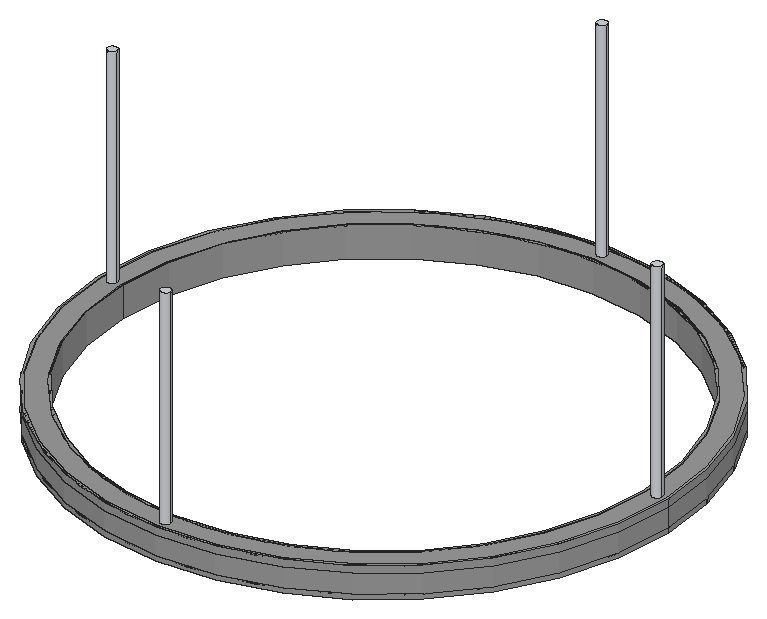
Revit family "MONALISA_600MM_41_4000K", category Lighting Fixtures, host Ceiling, Revit 2021
Family settings
  Host = Ceiling
  Round Connector Dimension = Use Diameter
  Part Type = Normal
  OmniClass Number = 23.80.70.11
  OmniClass Title = Luminaries for Internal Lighting
  Always vertical = Yes
  Cut with Voids When Loaded = No
  Light Source = Yes
  Shared = No
  Room Calculation Point = No
Parameters (values of type "Type 1")
  Wattage = 21.5427 W
  built-in parameter 1150110 = 1 (stored number, unit not read)
  Type de lampe = "LED Samsung 2835 SMD"
  Type = "Suspension"
  built-in parameter 1114217 = 1 (stored number, unit not read)
  Tilt Angle = 90.00°
  built-in parameter 1150109 = 1 (stored number, unit not read)
  built-in parameter 1150134 = 12
  built-in parameter 1150113 = 1 (stored number, unit not read)
  SDCM = "<3"
  Puissance nominale = "40W"
  Photometric Web File = "google_eulumdat_converter (3).ies"
  Lumens = 3200 lm
  built-in parameter 1150115 = 1 (stored number, unit not read)
  built-in parameter 1150105 = 254.65 (stored number, unit not read)
  built-in parameter 1150137 = (empty or 0)
  built-in parameter 1150139 = (empty or 0)
  built-in parameter 1150112 = 1 (stored number, unit not read)
  built-in parameter 1150114 = 1 (stored number, unit not read)
  built-in parameter 1150132 = 2
  built-in parameter 1150102 = (empty or 0)
  built-in parameter 1150138 = (empty or 0)
  built-in parameter 1150107 = 4000 (stored number, unit not read)
  built-in parameter 1150106 = 2.5465 (stored number, unit not read)
  IRC = ">80"
  Fintion = "Gris aluminium  - Diffuseur acrylique"
  Emit from Circle Diameter = 609.6 mm
  Emit Shape Visible in Rendering = no
  built-in parameter 1150104 = 13.8 (stored number, unit not read)
  Durée de vie = "50 000 heures"
  Driver = "Driver Osram"
  Dimming Lamp Color Temperature Shift = <None>
  Dimensions = "ø 600 mm, H : 32 mm"
  Default Elevation = 0 mm
  Color Filter = 16777215
  built-in parameter 1114218 = 1 (stored number, unit not read)
  built-in parameter 1150133 = 10 (stored number, unit not read)
  Angle d'éclairage = "120°"
  Alimentation luminaire = ""
  Alimentation Driver = "1200 mA / 30V"
Reference planes
  plane 1 "Light Source Axis (F/B)": y = 0
  plane 2: z = 0
  plane 3 "Light Source Axis (L/R)": x = 0
  plane 4 "Ceiling": z = 4000
  plane 5 "Light Source Elevation": z = 3762.902
Forms (mm)
  Extrusion 1, solid, material "Aluminum, Anodized grey"
    sketch origin (0, 0, 4000) x (0, 1, 0) y (-1, 0, 0)
      loop
        circle (0, 0) r 300
      loop
        circle (0, 0) r 275
      loop
        circle (0, 0) r 276.828
      loop
        circle (0, 0) r 297.807
    from -250 to -218
  Extrusion 2, solid, material "Aluminum, Anodized grey"
    sketch origin (0, 0, 4000) x (0, 1, 0) y (-1, 0, 0)
      loop
        circle (0, 0) r 300
      loop
        circle (0, 0) r 276.828
    from -225.222 to -218
  Extrusion 3, solid, material "Glass, White, High Luminance"
    sketch origin (0, 0, 3982.456) x (0, 1, 0) y (-1, 0, 0)
      loop
        circle (0, 0) r 300
      loop
        circle (0, 0) r 276.828
    from -232.456 to -227.456
  Extrusion 4, solid
    sketch origin (0, 0, 4000) x (0, 1, 0) y (-1, 0, 0)
      loop
        circle (287.711, 0) r 5
    from -218 to 0
  Extrusion 5, solid
    sketch origin (-287.425, -286.139, 4000) x (0, 1, 0) y (-1, 0, 0)
      loop
        circle (287.711, 0) r 5
    from -218 to 0
  Extrusion 6, solid
    sketch origin (0, -575.217, 4000) x (0, 1, 0) y (-1, 0, 0)
      loop
        circle (287.711, 0) r 5
    from -218 to 0
  Extrusion 7, solid
    sketch origin (288.349, -287.705, 4000) x (0, 1, 0) y (-1, 0, 0)
      loop
        circle (287.711, 0) r 5
    from -218 to 0
Lines and regions (mm)
  reference lines
    curve 1: line (0, 0, 4000) -> (300, 0, 4000)
    curve 2: line (300, 0, 4000) -> (275, 0, 4000)
    curve 3: line (0, 0, 3750) -> (0, 0, 3782)
Dimensions and locks
  equal spacing: host sketch curve, plane 3 "Light Source Axis (L/R)", host sketch curve
  equal spacing: host sketch curve, plane 1 "Light Source Axis (F/B)", host sketch curve
  host sketch curve to host sketch curve = 4000 mm  (x2)
  plane 4 "Ceiling" to host ceiling = 0 mm
  aligned and locked: plane 1 "Light Source Axis (F/B)" to imposter light
  aligned and locked: plane 5 "Light Source Elevation" to imposter light
